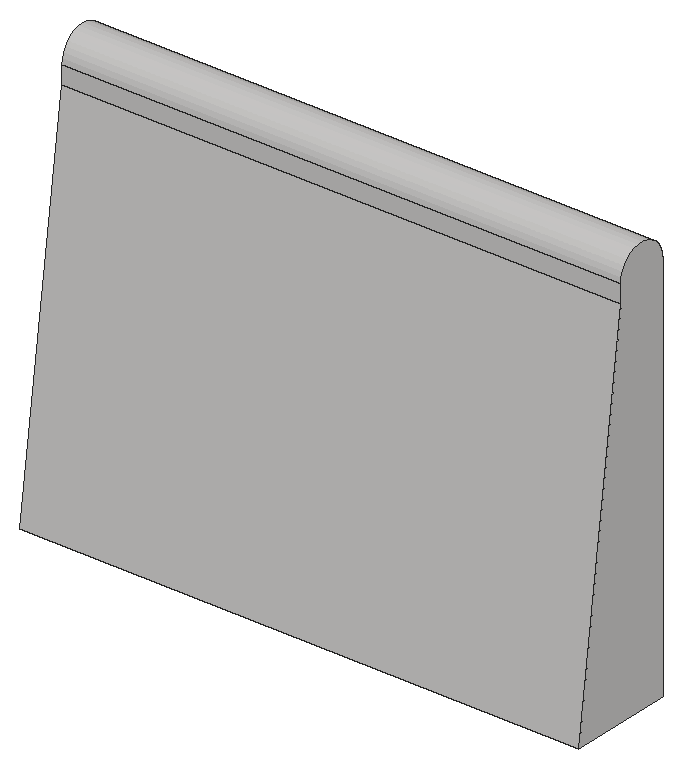
Revit family
Parameters
  offset [instance] = 0' - 0"
  Warranty Duration (Years) = 0
  Unit Width = 0' - 8"
  Unit Height = 0' - 1 1/2"
  Unit Depth = 0' - 6"
  URL = "http://www.americanspecialties.com/viewCategories.cfm"
  Specification = "http://www.arcat.com/sdspecs/htm/10810asi.htm"
  SpecWizard = ""
  Send Message = "http://www.arcat.com/users.pl?action=UserEmail&company=American%20Specialties,%20Inc.&coid=30448&rep=139&fax=914-476-0688&mf="
  Sales Information = "http://www.americanspecialties.com/contact"
  Revision = "R1_8-2011"
  Product Properties = "http://www.americanspecialties.com/datasheets/20692.pdf"
  Product Data = "http://www.arcat.com/arcatcos/cos30/arc30448.html"
  Model = "As Specified in 10 28 13"
  Manufacturer Website = "http://www.americanspecialties.com/viewCategories.cfm"
  Manufacturer Phone - Toll Free = ""
  Manufacturer Phone = "914-476-9000 "
  Manufacturer Fax = "914-476-0688"
  Manufacturer Address = "441 Saw Mill River Rd., Yonkers, NY 10701"
  Manufacturer = "American Specialties, Inc."
  Maintenance Schedule (Months) = 0
  Keynote = "10 28 13"
  Installation-Fabrication = "http://www.americanspecialties.com/products.cfm"
  Installation Phase = ""
  Green Building-LEED = "http://www.arcat.com/green/clients/leed_data_30448.html"
  Expected Lifespan (Years) = 0
  Drawn By = "Sumex Design, Inc. / Robert S. Weygant, CSI, CDT, SCIP"
  Description = "Toilet Accessory as Specified in 10 28 13"
  Default Elevation = 4' - 0"
  Copyright = "©Arcat Inc."
  Construction Details = "http://www.americanspecialties.com/products.cfm"
  Body Material = Metal - Satin Stainless Steel
  Assembly Code = "C1030210"
Reference planes (in)
  plane 1 "Center (Front/Back)": y = 0
  plane 2 "Mount Surface": z = 0
  plane 3 "Center (Left/Right)": x = 0
  plane 4 "Bottom Edge": y = -0.75
  plane 5 "Shelf Surface": y = 0.75
  plane 6 "Left": x = -4
  plane 7 "Right": x = 4
  plane 8 "Front": z = 6
Forms (in)
  Extrusion 1, solid, material "Metal - Satin Stainless Steel" <- "Body Material"
    sketch origin (0, 0, 0) x (0, 1, 0) y (0, 0, 1)
      loop
        line (0.75, 0) -> (0.75, 5.625)
        arc (0.75, 5.625) -> (0.375, 6) -> (0, 5.625) r 0.375
        line (0, 5.625) -> (0, 5.375) -> (-0.75, 0) -> (0.75, 0)
    from -4 to 4
Dimensions and locks (in)
  "Unit Width": plane 6 "Left" to plane 7 "Right"
  equal spacing: plane 6 "Left", plane 3 "Center (Left/Right)", plane 7 "Right"
  "Unit Height": plane 5 "Shelf Surface" to plane 4 "Bottom Edge"
  equal spacing: plane 5 "Shelf Surface", plane 1 "Center (Front/Back)", plane 4 "Bottom Edge"
  "Unit Depth": plane 8 "Front" to level
  locked: plane 8 "Front" to Extrusion 1 sketch curve at 0.375
  locked: plane 8 "Front" to Extrusion 1 sketch curve at 0.625
  aligned and locked: plane 5 "Shelf Surface" to Extrusion 1 sketch curve
  aligned and locked: level to Extrusion 1 sketch curve
  aligned and locked: plane 1 "Center (Front/Back)" to Extrusion 1 sketch curve
  aligned and locked: Extrusion 1 to plane 6 "Left"
  aligned and locked: plane 7 "Right" to Extrusion 1
Automatic sketch dimensions
  Extrusion 1 sketch curve to plane 4 "Bottom Edge" = 0' - 0"
